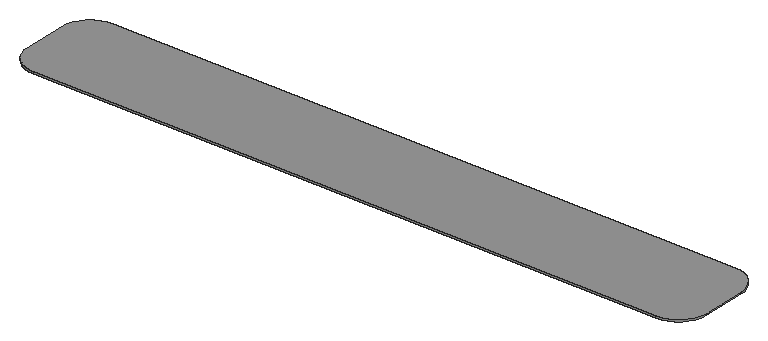
Revit family "Haworth_Pergola_Accessory_SpanningTop", category Furniture Systems, Revit 2018
Family settings
  Round Connector Dimension = Use Diameter
  Part Type = Normal
  OmniClass Number = 23.40.70.14.64.21
  OmniClass Title = Systems Furniture
  Work Plane-Based = No
  Always vertical = Yes
  Cut with Voids When Loaded = No
  Shared = No
  Room Calculation Point = No
Parameters (values of type "Two-Sided - 144w")
  Standard Width = "48, 72, 96, 120, 144 in."  # constant formula
  Number of Brackets = if([48w], 0, if([72w], 1, if([96w], 2, if([120w], 3, 4))))  # 4
  Worksurface Finish = Haworth _ Laminate _ Undecided _ Pergola
  Width = if([48w], 48", if([72w], 72", if([96w], 96", if([120w], 120", 144"))))  # 144"
  Warranty = "http://www.haworth.com/resources/product-info/warranties"
  URL - Product = "https://www.haworth.com/na/en/inspiration/pergola.html"
  URL = "http://www.haworth.com"
  Two-Sided = not([One-Sided])  # yes
  Trim Finish = Haworth _ Paint _ Undecided _ Pergola
  Sustainability Info = "http://www.haworth.com/company-info/sustainablility"
  One-Sided = no
  Model = "Haworth Pergola"  # constant formula
  Knife-Edge [instance] = yes
  Half Depth = Actual Depth / 2  # 10 1/2"
  Description = "Haworth - Pergola Spanning Top"  # constant formula
  Bracket7-b = and(Number of Brackets = 4, [Two-Sided])  # yes
  Bracket7-a = Number of Brackets = 4  # yes
  Bracket6-b = and(or(Number of Brackets = 2, Number of Brackets = 3), [Two-Sided])  # no
  Bracket6-a = or(Number of Brackets = 2, Number of Brackets = 3)  # no
  Bracket5-b = and(Number of Brackets = 4, [Two-Sided])  # yes
  Bracket5-a = Number of Brackets = 4  # yes
  Bracket4-b = and(or(Number of Brackets = 1, Number of Brackets = 3), [Two-Sided])  # no
  Bracket4-a = or(Number of Brackets = 1, Number of Brackets = 3)  # no
  Bracket3-b = and(Number of Brackets = 4, [Two-Sided])  # yes
  Bracket3-a = Number of Brackets = 4  # yes
  Bracket2-b = and(or(Number of Brackets = 2, Number of Brackets = 3), [Two-Sided])  # no
  Bracket2-a = or(Number of Brackets = 2, Number of Brackets = 3)  # no
  Bracket1-b = and(Number of Brackets = 4, [Two-Sided])  # yes
  Bracket1-a = Number of Brackets = 4  # yes
  Bracket Vertical Offset = if([Two-Sided], 3", 4 1/2")  # 3"
  Bracket Horizontal Offset = 8 1/4"  # constant formula
  Actual Depth = if([One-Sided], 14", 21")  # 21"
  Size = "Verify Final Dim. w/ Haworth"  # constant formula
  Revision Number = "1"  # constant formula
  Manufacturer = "Haworth"  # constant formula
  Author = "Haworth (Bentzen)"  # constant formula
  Assembly Code = "E2020200"
  Actual Width = Width  # 144"
  Actual Height = 28"  # constant formula
  96w = no
  72w = no
  48w = no
  144w = yes
  120w = no
Types (10): name | Number of Brackets | Width | Two-Sided | One-Sided | Half Depth | Bracket7-b | Bracket7-a | Bracket6-b | Bracket6-a | Bracket5-b | Bracket5-a | Bracket4-b | Bracket4-a | Bracket3-b | Bracket3-a | Bracket2-b | Bracket2-a | Bracket1-b | Bracket1-a | Bracket Vertical Offset | Actual Depth | Actual Width | 96w | 72w | 48w | 144w | 120w
  One-Sided - 48w | 0 | 48" | no | yes | 7" | no | no | no | no | no | no | no | no | no | no | no | no | no | no | 4 1/2" | 14" | 48" | no | no | yes | no | no
  One-Sided - 96w | 2 | 96" | no | yes | 7" | no | no | no | yes | no | no | no | no | no | no | no | yes | no | no | 4 1/2" | 14" | 96" | yes | no | no | no | no
  One-Sided - 120w | 3 | 120" | no | yes | 7" | no | no | no | yes | no | no | no | yes | no | no | no | yes | no | no | 4 1/2" | 14" | 120" | no | no | no | no | yes
  Two-Sided - 120w | 3 | 120" | yes | no | 10 1/2" | no | no | yes | yes | no | no | yes | yes | no | no | yes | yes | no | no | 3" | 21" | 120" | no | no | no | no | yes
  Two-Sided - 96w | 2 | 96" | yes | no | 10 1/2" | no | no | yes | yes | no | no | no | no | no | no | yes | yes | no | no | 3" | 21" | 96" | yes | no | no | no | no
  Two-Sided - 72w | 1 | 72" | yes | no | 10 1/2" | no | no | no | no | no | no | yes | yes | no | no | no | no | no | no | 3" | 21" | 72" | no | yes | no | no | no
  Two-Sided - 48w | 0 | 48" | yes | no | 10 1/2" | no | no | no | no | no | no | no | no | no | no | no | no | no | no | 3" | 21" | 48" | no | no | yes | no | no
  Two-Sided - 144w | 4 | 144" | yes | no | 10 1/2" | yes | yes | no | no | yes | yes | no | no | yes | yes | no | no | yes | yes | 3" | 21" | 144" | no | no | no | yes | no
  One-Sided - 144w | 4 | 144" | no | yes | 7" | no | yes | no | no | no | yes | no | no | no | yes | no | no | no | yes | 4 1/2" | 14" | 144" | no | no | no | yes | no
  One-Sided - 72w | 1 | 72" | no | yes | 7" | no | no | no | no | no | no | no | yes | no | no | no | no | no | no | 4 1/2" | 14" | 72" | no | yes | no | no | no
Reference planes (in)
  plane 1 "Bottom": z = 0
  plane 2 "Left": x = -48.71204
  plane 3 "Center (Left/Right)": x = 23.28796
  plane 4 "Right": x = 95.28796
  plane 5: z = 28
  plane 6: z = 21.11178
  plane 7: z = 26.11178
  plane 8: x = -40.46204
  plane 9 "Front": y = -18.09958
  plane 10: y = -7.59958
  plane 11: y = 2.90042
  plane 12: y = -15.09958
  plane 13: y = -5.59958
  plane 14: x = -14.96204
  plane 15: x = -8.58704
  plane 16: x = 10.53796
  plane 17: x = 36.03796
  plane 18: x = 55.16296
  plane 19: x = 61.53796
  plane 20: x = 87.03796
Lines and regions (in)
  Masking region 1, visible <- "One-Sided"
    outline origin (0, 0, 0) x (1, 0, 0) y (0, 1, 0)
      loop
        line (-48.71204, 2.90042) -> (-48.71204, -12.09958)
        arc (-48.71204, -12.09958) -> (-46.95468, -16.34222) -> (-42.71204, -18.09958) r 6
        line (-42.71204, -18.09958) -> (89.28796, -18.09958)
        arc (89.28796, -18.09958) -> (93.5306, -16.34222) -> (95.28796, -12.09958) r 6
        line (95.28796, -12.09958) -> (95.28796, 2.90042) -> (-48.71204, 2.90042)
  Masking region 2, visible <- "Two-Sided"
    outline origin (0, 0, 0) x (1, 0, 0) y (0, 1, 0)
      loop
        line (-48.71204, -3.09958) -> (-48.71204, -12.09958)
        arc (-48.71204, -12.09958) -> (-46.95468, -16.34222) -> (-42.71204, -18.09958) r 6
        line (-42.71204, -18.09958) -> (89.28796, -18.09958)
        arc (89.28796, -18.09958) -> (93.5306, -16.34222) -> (95.28796, -12.09958) r 6
        line (95.28796, -12.09958) -> (95.28796, -3.09958)
        arc (95.28796, -3.09958) -> (93.5306, 1.14306) -> (89.28796, 2.90042) r 6
        line (89.28796, 2.90042) -> (-42.71204, 2.90042)
        arc (-42.71204, 2.90042) -> (-46.95468, 1.14306) -> (-48.71204, -3.09958) r 6
Dimensions and locks (in)
  "Half Depth": plane 10 to plane 9 "Front"
  "Actual Depth": plane 11 to plane 9 "Front"
  "Bracket Vertical Offset": plane 12 to plane 9 "Front"
  plane 13 to plane 12 = 9 1/2"
  "Actual Height": plane 5 to plane 1 "Bottom"
  "Actual Width": plane 2 "Left" to plane 4 "Right"
  "Bracket Horizontal Offset": plane 2 "Left" to plane 8
  "Bracket Horizontal Offset": plane 20 to plane 4 "Right"
  equal spacing: plane 8, plane 14, plane 16, plane 17, plane 19, plane 20
  equal spacing: plane 8, plane 15, plane 3 "Center (Left/Right)", plane 18, plane 20
  aligned and locked: level to plane 1 "Bottom"
  aligned and locked: plane 2 "Left" to nested 1
  aligned and locked: nested 1 to plane 9 "Front"
  aligned and locked: plane 5 to nested 1
  aligned and locked: nested 2 to plane 12
  aligned and locked: plane 8 to nested 2
  aligned and locked: nested 3 to plane 12
  aligned and locked: plane 20 to nested 3
  aligned and locked: plane 13 to nested 4
  aligned and locked: nested 4 to plane 8
  aligned and locked: plane 13 to nested 5
  aligned and locked: nested 5 to plane 20
  aligned and locked: nested 2 to plane 5
  aligned and locked: plane 5 to nested 3
  aligned and locked: plane 14 to nested 6
  aligned and locked: plane 15 to nested 7
  aligned and locked: plane 16 to nested 8
  aligned and locked: plane 3 "Center (Left/Right)" to nested 9
  aligned and locked: plane 17 to nested 10
  aligned and locked: plane 18 to nested 11
  aligned and locked: plane 19 to nested 12
  aligned and locked: nested 6 to plane 12
  aligned and locked: nested 7 to plane 12
  aligned and locked: nested 8 to plane 12
  aligned and locked: nested 9 to plane 12
  aligned and locked: nested 10 to plane 12
  aligned and locked: nested 11 to plane 12
  aligned and locked: nested 12 to plane 12
  aligned and locked: nested 6 to plane 5
  aligned and locked: nested 7 to plane 5
  aligned and locked: nested 8 to plane 5
  aligned and locked: nested 9 to plane 5
  aligned and locked: nested 10 to plane 5
  aligned and locked: nested 11 to plane 5
  aligned and locked: nested 12 to plane 5
  aligned and locked: nested 13 to plane 14
  aligned and locked: nested 14 to plane 15
  aligned and locked: nested 15 to plane 16
  aligned and locked: nested 16 to plane 3 "Center (Left/Right)"
  aligned and locked: nested 17 to plane 17
  aligned and locked: nested 18 to plane 18
  aligned and locked: nested 19 to plane 19
  aligned and locked: plane 13 to nested 13
  aligned and locked: plane 13 to nested 14
  aligned and locked: plane 13 to nested 15
  aligned and locked: plane 13 to nested 16
  aligned and locked: plane 13 to nested 17
  aligned and locked: plane 13 to nested 18
  aligned and locked: plane 13 to nested 19
  aligned and locked: plane 5 to nested 4
  aligned and locked: plane 5 to nested 13
  aligned and locked: plane 5 to nested 14
  aligned and locked: plane 5 to nested 15
  aligned and locked: plane 5 to nested 16
  aligned and locked: plane 5 to nested 17
  aligned and locked: plane 5 to nested 18
  aligned and locked: plane 5 to nested 19
  aligned and locked: nested 5 to plane 5
  aligned and locked: Masking region 1 to plane 11
  aligned and locked: Masking region 1 to plane 9 "Front"
  aligned and locked: Masking region 1 to plane 2 "Left"
  aligned and locked: plane 4 "Right" to Masking region 1
  aligned and locked: Masking region 2 to plane 11
  aligned and locked: Masking region 2 to plane 9 "Front"
  aligned and locked: Masking region 2 to plane 2 "Left"
  aligned and locked: plane 4 "Right" to Masking region 2
Automatic sketch dimensions
  Masking region 1 sketch curve to plane 2 "Left" = 0"
  Masking region 1 sketch curve to plane 9 "Front" = 0"
  Masking region 1 sketch curve to plane 4 "Right" = 0"
  Masking region 1 sketch curve to plane 11 = 0"
  Masking region 1 sketch curve to plane 8 = 2 1/4"
  plane 20 to Masking region 1 sketch curve = 2 1/4"
  Masking region 2 sketch curve to plane 2 "Left" = 0"
  Masking region 2 sketch curve to plane 9 "Front" = 0"
  Masking region 2 sketch curve to plane 11 = 0"
  Masking region 2 sketch curve to plane 4 "Right" = 0"
  Masking region 2 sketch curve to plane 8 = 2 1/4"  (x2)
  plane 20 to Masking region 2 sketch curve = 2 1/4"  (x2)
Nested families (in)
  nested 1: "Haworth_Pergola_Accessory_SpanningTop_Worksurface" at (-51.20255, -8.91645, -4.86178), type "Top"
    with Width 144", Void Length - Knife Edge 3", Knife Edge yes, Actual Width 144"
  nested 2: "Haworth_Pergola_Accessory_SpanningTop_Bracket" at (-44.72247, -17.47331, -50), type "Bracket"
  nested 3: "Haworth_Pergola_Accessory_SpanningTop_Bracket" at (91.29839, -17.47331, -50) x (-1, 0, 0) z (0, 0, 1), type "Bracket"
  nested 4: "Haworth_Pergola_Accessory_SpanningTop_Bracket" at (-44.72247, 2.27416, -50), visible <- "Two-Sided", type "Bracket"
  nested 5: "Haworth_Pergola_Accessory_SpanningTop_Bracket" at (91.29839, 2.27416, -50) x (-1, 0, 0) z (0, 0, 1), visible <- "Two-Sided", type "Bracket"
  nested 6: "Haworth_Pergola_Accessory_SpanningTop_Bracket" at (-19.22247, -17.47331, -50), visible <- "Bracket1-a", type "Bracket"
  nested 7: "Haworth_Pergola_Accessory_SpanningTop_Bracket" at (-12.84747, -17.47331, -50), visible <- "Bracket2-a", type "Bracket"
  nested 8: "Haworth_Pergola_Accessory_SpanningTop_Bracket" at (6.27753, -17.47331, -50), visible <- "Bracket3-a", type "Bracket"
  nested 9: "Haworth_Pergola_Accessory_SpanningTop_Bracket" at (19.02753, -17.47331, -50), visible <- "Bracket4-a", type "Bracket"
  nested 10: "Haworth_Pergola_Accessory_SpanningTop_Bracket" at (31.77753, -17.47331, -50), visible <- "Bracket5-a", type "Bracket"
  nested 11: "Haworth_Pergola_Accessory_SpanningTop_Bracket" at (50.90253, -17.47331, -50), visible <- "Bracket6-a", type "Bracket"
  nested 12: "Haworth_Pergola_Accessory_SpanningTop_Bracket" at (57.27753, -17.47331, -50), visible <- "Bracket7-a", type "Bracket"
  nested 13: "Haworth_Pergola_Accessory_SpanningTop_Bracket" at (-19.22247, 2.27416, -50), visible <- "Bracket1-b", type "Bracket"
  nested 14: "Haworth_Pergola_Accessory_SpanningTop_Bracket" at (-12.84747, 2.27416, -50), visible <- "Bracket2-b", type "Bracket"
  nested 15: "Haworth_Pergola_Accessory_SpanningTop_Bracket" at (6.27753, 2.27416, -50), visible <- "Bracket3-b", type "Bracket"
  nested 16: "Haworth_Pergola_Accessory_SpanningTop_Bracket" at (19.02753, 2.27416, -50), visible <- "Bracket4-b", type "Bracket"
  nested 17: "Haworth_Pergola_Accessory_SpanningTop_Bracket" at (31.77753, 2.27416, -50), visible <- "Bracket5-b", type "Bracket"
  nested 18: "Haworth_Pergola_Accessory_SpanningTop_Bracket" at (50.90253, 2.27416, -50), visible <- "Bracket6-b", type "Bracket"
  nested 19: "Haworth_Pergola_Accessory_SpanningTop_Bracket" at (57.27753, 2.27416, -50), visible <- "Bracket7-b", type "Bracket"
Definition of nested family "Haworth_Pergola_Accessory_SpanningTop_Worksurface"
  Parameters (values of type "Top")
    Worksurface Finish = none
    Width = 72"
    Warranty = "http://www.haworth.com/resources/product-info/warranties"
    Void Length - Knife Edge = if(Knife Edge, 3", 1")  # 1"
    Void Height = if([One-Sided], 12", 6")  # 6"
    URL - Product = ""
    URL = "http://www.haworth.com"
    Two-Sided = not([One-Sided])  # yes
    Sustainability Info = "http://www.haworth.com/company-info/sustainablility"
    One-Sided = no
    Model = "Haworth Pergola"  # constant formula
    Knife Edge = no
    Description = "Haworth - Pergola Spanning Top - Worksurface"  # constant formula
    Actual Depth = if([One-Sided], 14", 21")  # 21"
    Size = "Verify Final Dim. w/ Haworth"  # constant formula
    Revision Number = "1"  # constant formula
    Manufacturer = "Haworth"  # constant formula
    Author = "Haworth (Bentzen)"  # constant formula
    Assembly Code = "E2020200"
    Actual Width = Width  # 72"
    Actual Height = 1 1/4"  # constant formula
  Reference planes (in)
    plane 1 "Bottom": z = 0
    plane 2 "Left": x = 2.49051
    plane 3 "Center (Left/Right)": x = 38.49051
    plane 4 "Right": x = 74.49051
    plane 5 "Back": y = 11.81687
    plane 6 "Center (Front/Back)": y = 1.31687
    plane 7 "Front": y = -9.18313
    plane 8 "Top": z = 34.11178
    plane 9: z = 32.86178
    plane 10 "Center (Elevation)": z = 33.48678
    plane 11 "Void Top": z = 42.11178
    plane 12 "Void Bottom": z = 36.11178
    plane 13: y = 4.81687
    plane 14: y = 19.81687
    plane 15: z = 33.77718
    plane 16: y = -7.18313
    plane 17: z = 26.86178
    plane 18: z = 29.86178
    plane 19: through (0, -5.15441, 28.63393) normal (0, 0.4162, 0.9093)
    plane 20: through (0, -1.9169, 28.25189) normal (0, 0.4162, 0.9093)
  Forms (in)
    Extrusion 1, solid, material <- "Worksurface Finish"
      sketch origin (0, 0, 0) x (1, 0, 0) y (0, 1, 0)
        loop
          arc (8.49051, 11.81687) -> (4.24787, 10.05951) -> (2.49051, 5.81687) r 6
          line (2.49051, 5.81687) -> (2.49051, -3.18313)
          arc (2.49051, -3.18313) -> (4.24787, -7.42577) -> (8.49051, -9.18313) r 6
          line (8.49051, -9.18313) -> (68.49051, -9.18313)
          arc (68.49051, -9.18313) -> (72.73315, -7.42577) -> (74.49051, -3.18313) r 6
          line (74.49051, -3.18313) -> (74.49051, 5.81687)
          arc (74.49051, 5.81687) -> (72.73315, 10.05951) -> (68.49051, 11.81687) r 6
          line (68.49051, 11.81687) -> (8.49051, 11.81687)
      from 32.86178 to 34.11178
    Extrusion 2, void
      sketch origin (0, 0, 0) x (1, 0, 0) y (0, 1, 0)
        loop
          line (2.49051, 19.81687) -> (2.49051, 4.81687) -> (74.49051, 4.81687) -> (74.49051, 19.81687) -> (2.49051, 19.81687)
      from 36.11178 to 42.11178
    Sweep 3, void
      path in 3D
        loop
          arc (68.49051, -9.18313, 34.11178) -> (72.73315, -7.42577, 34.11178) -> (74.49051, -3.18313, 34.11178) r 6
          line (74.49051, -3.18313, 34.11178) -> (74.49051, 5.81687, 34.11178)
          arc (74.49051, 5.81687, 34.11178) -> (72.73315, 10.05951, 34.11178) -> (68.49051, 11.81687, 34.11178) r 6
          line (68.49051, 11.81687, 34.11178) -> (8.49051, 11.81687, 34.11178)
          arc (8.49051, 11.81687, 34.11178) -> (4.24787, 10.05951, 34.11178) -> (2.49051, 5.81687, 34.11178) r 6
          line (2.49051, 5.81687, 34.11178) -> (2.49051, -3.18313, 34.11178)
          arc (2.49051, -3.18313, 34.11178) -> (4.24787, -7.42577, 34.11178) -> (8.49051, -9.18313, 34.11178) r 6
          line (8.49051, -9.18313, 34.11178) -> (68.49051, -9.18313, 34.11178)
      profile origin (38.49051, -9.18313, 34.11178) x (0, 1, 0) y (0, 0, 1)
        loop
          line (0, -2.53414) -> (-0.41618, -3.44342) -> (4.02872, -5.47785) -> (4.4449, -4.56857) -> (0, -2.53414)
  Cuts and joins
    Extrusion 2, Sweep 3 cuts Extrusion 1
  Lines and regions (in)
    sketch lines
      curve 1: line (8.49051, -9.18313, 34.11178) -> (68.49051, -9.18313, 34.11178)
      curve 2: arc (74.49051, -3.18313, 34.11178) -> (72.73315, -7.42577, 34.11178) -> (68.49051, -9.18313, 34.11178) r 6
      curve 3: line (74.49051, -3.18313, 34.11178) -> (74.49051, 5.81687, 34.11178)
      curve 4: arc (68.49051, 11.81687, 34.11178) -> (72.73315, 10.05951, 34.11178) -> (74.49051, 5.81687, 34.11178) r 6
      curve 5: line (68.49051, 11.81687, 34.11178) -> (8.49051, 11.81687, 34.11178)
      curve 6: arc (2.49051, 5.81687, 34.11178) -> (4.24787, 10.05951, 34.11178) -> (8.49051, 11.81687, 34.11178) r 6
      curve 7: line (2.49051, 5.81687, 34.11178) -> (2.49051, -3.18313, 34.11178)
      curve 8: arc (8.49051, -9.18313, 34.11178) -> (4.24787, -7.42577, 34.11178) -> (2.49051, -3.18313, 34.11178) r 6
  Dimensions and locks (in)
    equal spacing: plane 2 "Left", plane 3 "Center (Left/Right)", plane 4 "Right"
    "Actual Width": plane 2 "Left" to plane 4 "Right"
    "Actual Height": plane 8 "Top" to plane 9
    equal spacing: plane 8 "Top", plane 10 "Center (Elevation)", plane 9
    plane 5 "Back" to plane 7 "Front" = 21"
    equal spacing: plane 5 "Back", plane 6 "Center (Front/Back)", plane 7 "Front"
    plane 13 to plane 7 "Front" = 14"
    "Void Height": plane 11 "Void Top" to plane 12 "Void Bottom"
    plane 8 "Top" to plane 15 = 0.3346"
    plane 16 to plane 7 "Front" = 2"
    plane 18 to plane 17 = 3"
    "Void Length - Knife Edge": plane 20 to plane 19
    aligned and locked: level to plane 1 "Bottom"
    aligned and locked: Extrusion 1 to plane 2 "Left"
    aligned and locked: plane 5 "Back" to Extrusion 1
    aligned and locked: plane 4 "Right" to Extrusion 1
    aligned and locked: Extrusion 1 to plane 7 "Front"
    aligned and locked: Extrusion 1 to plane 8 "Top"
    aligned and locked: Extrusion 1 to plane 9
    aligned and locked: Extrusion 2 to plane 14
    aligned and locked: plane 13 to Extrusion 2
    aligned and locked: Extrusion 2 to plane 2 "Left"
    aligned and locked: plane 4 "Right" to Extrusion 2
    aligned and locked: plane 11 "Void Top" to Extrusion 2
    aligned and locked: Extrusion 2 to plane 12 "Void Bottom"
  Automatic sketch dimensions
    Extrusion 1 sketch curve to plane 2 "Left" = 0"
    Extrusion 1 sketch curve to plane 5 "Back" = 0"
    Extrusion 1 sketch curve to plane 7 "Front" = 0"
    Extrusion 1 sketch curve to plane 4 "Right" = 0"
    plane 2 "Left" to Extrusion 1 sketch curve = 6"
    plane 6 "Center (Front/Back)" to Extrusion 1 sketch curve = 4 1/2"  (x2)
    Extrusion 1 sketch curve to plane 4 "Right" = 6"
    Extrusion 2 sketch curve to plane 2 "Left" = 0"
    plane 4 "Right" to Extrusion 2 sketch curve = 0"
    plane 6 "Center (Front/Back)" to Extrusion 2 sketch curve = 3 1/2"
    plane 5 "Back" to Extrusion 2 sketch curve = 8"
    Sweep 3 sketch curve to plane 19 = 0"  (x2)
    Sweep 3 sketch curve to profile plane = 0"
    Sweep 3 sketch curve to plane 20 = 0"
    Sweep 3 sketch curve to profile plane = 4.02872"
Definition of nested family "Haworth_Pergola_Accessory_SpanningTop_Bracket"
  Parameters (values of type "Bracket")
    Warranty = "http://www.haworth.com/resources/product-info/warranties"
    URL - Product = ""
    URL = "http://www.haworth.com"
    Trim Finish = none
    Sustainability Info = "http://www.haworth.com/company-info/sustainablility"
    Model = "Haworth Pergola"  # constant formula
    Description = "Haworth - Pergola Spanning Top - Bracket"  # constant formula
    Actual Depth = 5 1/2"  # constant formula
    Size = "Verify Final Dim. w/ Haworth"  # constant formula
    Revision Number = "1"  # constant formula
    Manufacturer = "Haworth"  # constant formula
    Author = "Haworth (Bentzen)"  # constant formula
    Assembly Code = "E2020200"
    Actual Width = 3 1/4"  # constant formula
    Actual Height = 1 1/2"  # constant formula
  Reference planes (in)
    plane 1 "Bottom": z = 0
    plane 2 "Left": x = 2.63543
    plane 3 "Center (Left/Right)": x = 4.26043
    plane 4 "Right": x = 5.88543
    plane 5 "Back": y = 7.87374
    plane 6 "Center (Front/Back)": y = 5.12374
    plane 7 "Front": y = 2.37374
    plane 8 "Top": z = 78
    plane 9 "Center (Elevation)": z = 77.25
    plane 10: z = 76.5
    plane 11: z = 77.75
  Forms (in)
    Extrusion 1, solid, material <- "Trim Finish"
      sketch origin (2.63543, 0, 0) x (0, 1, 0) y (0, 0, 1)
        loop
          line (7.87374, 78) -> (2.37374, 78) -> (2.37374, 77.75) -> (7.87374, 76.5) -> (7.87374, 78)
      from 0 to 3.25
  Dimensions and locks (in)
    equal spacing: plane 2 "Left", plane 3 "Center (Left/Right)", plane 4 "Right"
    "Actual Width": plane 2 "Left" to plane 4 "Right"
    equal spacing: plane 5 "Back", plane 6 "Center (Front/Back)", plane 7 "Front"
    "Actual Depth": plane 5 "Back" to plane 7 "Front"
    equal spacing: plane 10, plane 9 "Center (Elevation)", plane 8 "Top"
    "Actual Height": plane 10 to plane 8 "Top"
    aligned and locked: level to plane 1 "Bottom"
    aligned and locked: Extrusion 1 to plane 2 "Left"
    aligned and locked: plane 4 "Right" to Extrusion 1
    aligned and locked: Extrusion 1 to plane 8 "Top"
    aligned and locked: Extrusion 1 to plane 7 "Front"
    aligned and locked: plane 5 "Back" to Extrusion 1
  Automatic sketch dimensions
    Extrusion 1 sketch curve to plane 7 "Front" = 0"
    plane 5 "Back" to Extrusion 1 sketch curve = 0"
    plane 10 to Extrusion 1 sketch curve = 0"
    plane 11 to Extrusion 1 sketch curve = 0"
    Extrusion 1 sketch curve to plane 8 "Top" = 0"
